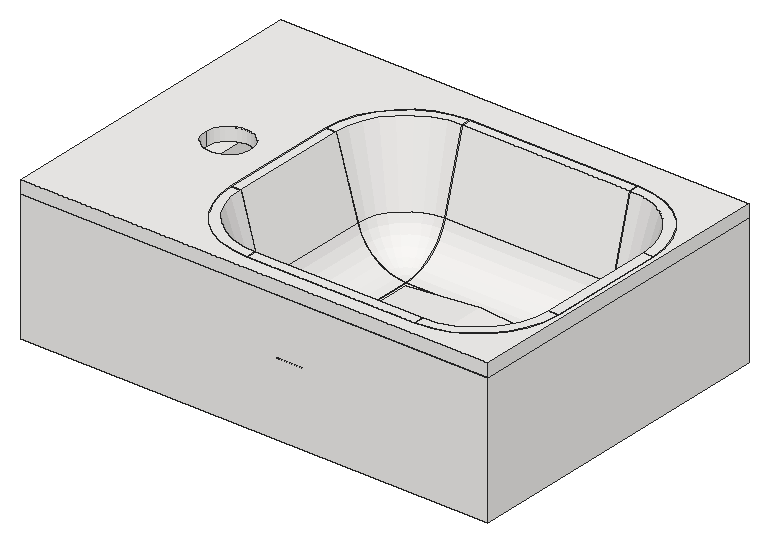
Revit family "61087-61087450-glossy_white-400", category Plumbing Fixtures, Revit 2019
Family settings
  Round Connector Dimension = Use Diameter
  Part Type = Valve - Breaks Into
  OmniClass Number = 23.31.13.00
  Work Plane-Based = No
  Always vertical = Yes
  Cut with Voids When Loaded = No
  Shared = Yes
  Room Calculation Point = No
Parameters (values of type "Washbasins-hansgrohe-61087XXX-Xevolos E Washbasins Xevolos E Handrinse basin 360_250 with tap hole left without overflow")
  X2 = 0
  X1 = 0
  UNSPSC = "301815 | Sanitary ware"
  UNIFORMATII = "D2010 | Plumbing Fixtures"
  UNICLASS_2015_CODE = "40_20_96"
  UNICLASS2015 = "Pr_40_20_96 | Wash basins, sinks and troughs"
  TAP = 1
  SURFACE = "GLOSSY_WHITE"
  SPECIFICATION = "Surfaces:  - 61087450 White   Specification:  • consists of: handrinse basin, waste set, cover  • material: ceramic  • SmartClean: dirt-repellent glaze • degree of gloss: glossy  • ceramic cover included • with one tap hole • without overflow • without shelf • non-closing waste set • 360 x 250 mm • type of installation: wall mounted  • suitable for cabinet"
  REGION = "Worldwide"
  PRODUCTURL = "https://pro.hansgrohe.com/articledetail--61087450"
  PRODUCTGROUP = "Washbasins"
  PRODUCTFAMILY = "Xevolos E"
  PERMALINK = "61087XXX"
  OMNICLASS = "23-31 13 00 | Sinks"
  OBJECTTYPE = "Object (single object)"
  NN = "Xevolos Washbasin"
  NBSYN = "$BASENUMBER.-$ARTNR.-$SURFACE.-$LODLEVEL."
  NB = "61087-61087450-GLOSSY_WHITE-400"
  NAME = "Xevolos E Handrinse basin 360_250 with tap hole left without overflow, SmartClean"
  Model = "Washbasins-hansgrohe-61087XXX-Xevolos E Washbasins Xevolos E Handrinse basin 360_250 with tap hole left without overflow, SmartClean"
  Manufacturer = "Hansgrohe"
  MIdent = "{$CADENAS_DATA/23d-libs/hansgrohe/xevolos_washbasin/xevolos_washbasin.prj},324 {VTYP=3D},{NB=61087-61087450-GLOSSY_WHITE-400},{LINA=Washbasins-hansgrohe-61087XXX-Xevolos E Washbasins Xevolos E Handrinse basin 360_250 with tap hole left without overflow, SmartClean},{NN=Xevolos Washbasin},{DATE=08.09.2023 09:54:32},{GEOMDATE=08.09.2023 09:53:00},{VERSION=},{LINEID=1000},{WBVAR=LODLEVEL},{WBNUMERIC=}  {NB=61087-61087450-GLOSSY_WHITE-400},{LINA=Washbasins-hansgrohe-61087XXX-Xevolos E Washbasins Xevolos E Handrinse basin 360_250 with tap hole left without overflow, SmartClean},{KT=DUMMY},{IDNR=2},{ARTNR=61087450},{BASENUMBER=61087},{MODEL=61087XXX},{SURFACE=GLOSSY_WHITE},{LODLEVEL=400},{LODLEVELX='400','400','200','200'},{L=360.000},{LI=-162.000},{X1=0.000},{X2=0.000},{DO=46.000},{DOT=35.000},{TAP=1},{TYP=MIN},{NAME=Xevolos E Handrinse basin 360_250 with tap hole left without overflow, SmartClean},{PERMALINK=61087XXX},{OBJECTTYPE=Object (single object)},{BIMOBJECT=Sanitary: Wash Basins},{PRODUCTFAMILY=Xevolos E},{PRODUCTGROUP=Washbasins},{WEIGHT=},{DESCRIPTION=Xevolos E Handrinse basin 360/250 with tap hole left without overflow, SmartClean},{SPECIFICATION=Surfaces:  - 61087450 White   Specification:  • consists of: handrinse basin, waste set, cover  • material: ceramic  • SmartClean: dirt-repellent glaze • degree of gloss: glossy  • ceramic cover included • with one tap hole • without overflow • without shelf • non-closing waste set • 360 x 250 mm • type of installation: wall mounted  • suitable for cabinet},{PRODUCTURL=https://pro.hansgrohe.com/articledetail--61087450},{GTINCODE=},{IFC=Sanitary Terminal},{ETIM=EC011550 | Washbasin},{UNICLASS2015=Pr_40_20_96 | Wash basins, sinks and troughs},{OMNICLASS=23-31 13 00 | Sinks},{MASTERFORMAT=22 41 16.13 | Residential Lavatories},{UNSPSC=301815 | Sanitary ware},{UNIFORMATII=D2010 | Plumbing Fixtures},{REGION=Worldwide},{DESIGN=Germany},{MANUFACTURER=Germany}"
  MASTERFORMAT = "22 41 16.13 | Residential Lavatories"
  LODLEVEL = "400"
  LINA = "Washbasins-hansgrohe-61087XXX-Xevolos E Washbasins Xevolos E Handrinse basin 360_250 with tap hole left without overflow, SmartClean"
  LI = -162
  L = 360
  IFC = "Sanitary Terminal"
  ETIM = "EC011550 | Washbasin"
  DOT = 35
  DO = 46
  DESIGN = "Germany"
  CATALOG = "Hansgrohe"
  BIMOBJECT = "Sanitary: Wash Basins"
  BASENUMBER = "61087"
  ARTNR = "61087450"
Reference planes
  plane 1 "Center (Front/Back)": y = 0
  plane 2: z = 0
  plane 3 "Center (Left/Right)": x = 0
Forms (mm)
  Extrusion 1, void
    sketch origin (-162, -135, 110) x (0, -1, 0) y (-1, 0, 0)
      loop
        line (-0.5, 0.5) -> (-0.5, -0.5) -> (0.5, -0.5) -> (0.5, 0.5) -> (-0.5, 0.5)
    from 0 to 1
Dimensions and locks
  locked: plane 2 to Extrusion 1 at 109
  locked: plane 2 to Extrusion 1 at 110
  aligned and locked: level to plane 2
Nested families
  nested 1: "61087-61087450-glossy_white-400_content" at (0, 0, 0), type "61087-61087450-GLOSSY_WHITE-400_Content"
Connectors
  piping at (-162, -135, 110), diameter 35
    settings: on Extrusion 1, index 1, connector inside diameter 609.6 mm, connector length 0 mm, flow factor 0, pipe flow 0.0 L/s, pressure drop 0.0 Pa, fitting loss kfactor 0, connector angle 0.00°, fixture units 0, engagement length 0 mm, angle of deflection 0.00°, flow configuration 0, flow direction 2, fitting loss method 0, system type 29, joint type 0, gender type 0, connector reference index -1, connector utility 0, adjustable connector no, is connector primary yes, connector description ""
  piping at (0, -135, -18.5), diameter 46
    settings: on nested 1, index 2, connector inside diameter 609.6 mm, connector length 0 mm, flow factor 0, pipe flow 0.0 L/s, pressure drop 0.0 Pa, fitting loss kfactor 0, connector angle 0.00°, fixture units 0, engagement length 0 mm, angle of deflection 0.00°, flow configuration 0, flow direction 2, fitting loss method 0, system type 29, joint type 0, gender type 0, connector reference index -1, connector utility 0, adjustable connector no, is connector primary no, connector description ""
Definition of nested family "61087-61087450-glossy_white-400_content"
  Parameters (values of type "61087-61087450-GLOSSY_WHITE-400_Content")
    X2 = 0
    X1 = 0
    UNSPSC = "301815 | Sanitary ware"
    UNIFORMATII = "D2010 | Plumbing Fixtures"
    UNICLASS_2015_CODE = "40_20_96"
    UNICLASS2015 = "Pr_40_20_96 | Wash basins, sinks and troughs"
    TAP = 1
    SURFACE = "GLOSSY_WHITE"
    SPECIFICATION = "Surfaces:  - 61087450 White   Specification:  • consists of: handrinse basin, waste set, cover  • material: ceramic  • SmartClean: dirt-repellent glaze • degree of gloss: glossy  • ceramic cover included • with one tap hole • without overflow • without shelf • non-closing waste set • 360 x 250 mm • type of installation: wall mounted  • suitable for cabinet"
    REGION = "Worldwide"
    PRODUCTURL = "https://pro.hansgrohe.com/articledetail--61087450"
    PRODUCTGROUP = "Washbasins"
    PRODUCTFAMILY = "Xevolos E"
    PERMALINK = "61087XXX"
    OMNICLASS = "23-31 13 00 | Sinks"
    OBJECTTYPE = "Object (single object)"
    NN = "Xevolos Washbasin"
    NBSYN = "$BASENUMBER.-$ARTNR.-$SURFACE.-$LODLEVEL."
    NB = "61087-61087450-GLOSSY_WHITE-400"
    NAME = "Xevolos E Handrinse basin 360_250 with tap hole left without overflow, SmartClean"
    Model = "Washbasins-hansgrohe-61087XXX-Xevolos E Washbasins Xevolos E Handrinse basin 360_250 with tap hole left without overflow, SmartClean"
    Manufacturer = "Hansgrohe"
    MASTERFORMAT = "22 41 16.13 | Residential Lavatories"
    LODLEVEL = "400"
    LINA = "Washbasins-hansgrohe-61087XXX-Xevolos E Washbasins Xevolos E Handrinse basin 360_250 with tap hole left without overflow, SmartClean"
    LI = -162
    L = 360
    IFC = "Sanitary Terminal"
    ETIM = "EC011550 | Washbasin"
    Default Elevation = 1219.2 mm
    DOT = 35
    DO = 46
    DESIGN = "Germany"
    CATALOG = "Hansgrohe"
    BIMOBJECT = "Sanitary: Wash Basins"
    BASENUMBER = "61087"
    ARTNR = "61087450"
  Reference planes
    plane 1 "Center (Front/Back)": y = 0
    plane 2: z = 0
    plane 3 "Center (Left/Right)": x = 0
  Forms (mm)
    Extrusion 1, solid, detail levels medium+fine
      sketch origin (0, 0, 0) x (0, 0, -1) y (0, 1, 0)
        loop
          line (-110, -24.497) -> (-110, -32) -> (-53.146, -48.555)
          arc (-53.146, -48.555) -> (-32.855, -62.593) -> (-25.05, -86) r 39
          line (-25.05, -86) -> (-15.65, -86) -> (-15.65, -78.355)
          arc (-15.65, -78.355) -> (-27.278, -53.615) -> (-50.351, -38.954) r 49
          line (-50.351, -38.954) -> (-100, -24.497) -> (-110, -24.497)
      from -64.5 to 64.5
    Revolve 2, solid, detail levels medium+fine
      sketch origin (64.5, 0, 0) x (0, 0, -1) y (0, 1, 0)
        loop
          line (-25.05, -86) -> (-15.65, -86) -> (-15.65, -78.355)
          arc (-15.65, -78.355) -> (-27.278, -53.615) -> (-50.351, -38.954) r 49
          line (-50.351, -38.954) -> (-100, -24.497) -> (-110, -24.497) -> (-110, -32) -> (-53.146, -48.555)
          arc (-53.146, -48.555) -> (-32.855, -62.593) -> (-25.05, -86) r 39
        axis (-15.65, -86) -> (-110, -86)
      angle from -90 to 0
    Revolve 3, solid, detail levels medium+fine
      sketch origin (-64.5, 0, 0) x (0, 0, -1) y (0, 1, 0)
        loop
          line (-25.05, -86) -> (-15.65, -86) -> (-15.65, -78.355)
          arc (-15.65, -78.355) -> (-27.278, -53.615) -> (-50.351, -38.954) r 49
          line (-50.351, -38.954) -> (-100, -24.497) -> (-110, -24.497) -> (-110, -32) -> (-53.146, -48.555)
          arc (-53.146, -48.555) -> (-32.855, -62.593) -> (-25.05, -86) r 39
        axis (-15.65, -86) -> (-110, -86)
      angle from 0 to 90
    Extrusion 4, solid, detail levels medium+fine
      sketch origin (0, -177.5, 0) x (1, 0, 0) y (0, 0, -1)
        loop
          line (-126.003, -100) -> (-126.003, -110) -> (-118.5, -110) -> (-101.945, -53.146)
          arc (-101.945, -53.146) -> (-87.907, -32.855) -> (-64.5, -25.05) r 39
          line (-64.5, -25.05) -> (-64.5, -15.65) -> (-72.145, -15.65)
          arc (-72.145, -15.65) -> (-96.885, -27.278) -> (-111.546, -50.351) r 49
          line (-111.546, -50.351) -> (-126.003, -100)
      from 0 to 91.5
    Extrusion 5, solid, detail levels medium+fine
      sketch origin (0, -177.5, 0) x (1, 0, 0) y (0, 0, -1)
        loop
          line (64.5, -15.65) -> (64.5, -25.05)
          arc (64.5, -25.05) -> (87.907, -32.855) -> (101.945, -53.146) r 39
          line (101.945, -53.146) -> (118.5, -110) -> (126.003, -110) -> (126.003, -100) -> (111.546, -50.351)
          arc (111.546, -50.351) -> (96.885, -27.278) -> (72.145, -15.65) r 49
          line (72.145, -15.65) -> (64.5, -15.65)
      from 0 to 91.5
    Revolve 6, solid, detail levels medium+fine
      sketch origin (0, -177.5, 0) x (1, 0, 0) y (0, 0, -1)
        loop
          line (-64.5, -25.05) -> (-64.5, -15.65) -> (-72.145, -15.65)
          arc (-72.145, -15.65) -> (-96.885, -27.278) -> (-111.546, -50.351) r 49
          line (-111.546, -50.351) -> (-126.003, -100) -> (-126.003, -110) -> (-118.5, -110) -> (-101.945, -53.146)
          arc (-101.945, -53.146) -> (-87.907, -32.855) -> (-64.5, -25.05) r 39
        axis (-64.5, -15.65) -> (-64.5, -110)
      angle from 0 to 90
    Revolve 7, solid, detail levels medium+fine
      sketch origin (0, -177.5, 0) x (1, 0, 0) y (0, 0, -1)
        loop
          line (64.5, -15.65) -> (64.5, -25.05)
          arc (64.5, -25.05) -> (87.907, -32.855) -> (101.945, -53.146) r 39
          line (101.945, -53.146) -> (118.5, -110) -> (126.003, -110) -> (126.003, -100) -> (111.546, -50.351)
          arc (111.546, -50.351) -> (96.885, -27.278) -> (72.145, -15.65) r 49
          line (72.145, -15.65) -> (64.5, -15.65)
        axis (64.5, -110) -> (64.5, -15.65)
      angle from 0 to 90
    Extrusion 8, solid, detail levels medium+fine
      sketch origin (0, 0, 0) x (0, 0, -1) y (0, 1, 0)
        loop
          line (-110, -239.003) -> (-100, -239.003) -> (-50.351, -224.546)
          arc (-50.351, -224.546) -> (-27.278, -209.885) -> (-15.65, -185.145) r 49
          line (-15.65, -185.145) -> (-15.65, -177.5) -> (-25.05, -177.5)
          arc (-25.05, -177.5) -> (-32.855, -200.907) -> (-53.146, -214.945) r 39
          line (-53.146, -214.945) -> (-110, -231.5) -> (-110, -239.003)
      from -64.5 to 64.5
    Extrusion 9, solid, detail levels medium+fine
      sketch origin (0, 0, 25.05) x (1, 0, 0) y (0, 1, 0)
        loop
          line (-69.5, -86) -> (-69.5, -177.5)
          arc (-69.5, -177.5) -> (-68.036, -181.036) -> (-64.5, -182.5) r 5
          line (-64.5, -182.5) -> (64.5, -182.5)
          arc (64.5, -182.5) -> (68.036, -181.036) -> (69.5, -177.5) r 5
          line (69.5, -177.5) -> (69.5, -86)
          arc (69.5, -86) -> (68.036, -82.464) -> (64.5, -81) r 5
          line (64.5, -81) -> (-64.5, -81)
          arc (-64.5, -81) -> (-68.036, -82.464) -> (-69.5, -86) r 5
        loop
          line (-60.5, -174) -> (60.5, -174) -> (60.5, -90.5) -> (-60.5, -90.5) -> (-60.5, -174)
      from -9.4 to 0
    Extrusion 10, solid, detail levels medium+fine
      sketch origin (0, 0, 100) x (1, 0, 0) y (0, 1, 0)
        loop
          line (-230, -250) -> (130, -250) -> (130, 0) -> (-230, 0) -> (-230, -250)
        loop
          line (-125.997, -85.997) -> (-125.997, -177.503)
          arc (-125.997, -177.503) -> (-107.984, -220.99) -> (-64.497, -239.003) r 61.5
          line (-64.497, -239.003) -> (64.5, -239.003)
          arc (64.5, -239.003) -> (107.989, -220.989) -> (126.003, -177.5) r 61.503
          line (126.003, -177.5) -> (126.003, -86)
          arc (126.003, -86) -> (107.989, -42.511) -> (64.5, -24.497) r 61.503
          line (64.5, -24.497) -> (-64.497, -24.497)
          arc (-64.497, -24.497) -> (-107.984, -42.51) -> (-125.997, -85.997) r 61.5
        loop
          circle (-162, -135) r 17.5
      from 0 to 10
    Extrusion 11, solid, detail levels medium+fine
      sketch origin (0, 0, 100) x (1, 0, 0) y (0, 1, 0)
        loop
          line (-230, 0) -> (-230, -250) -> (130, -250) -> (130, 0) -> (120, 0) -> (120, -240) -> (-220, -240) -> (-220, 0) -> (-230, 0)
      from -100 to 0
    Extrusion 12, solid, detail levels medium+fine
      sketch origin (0, 0, 0) x (1, 0, 0) y (0, 0, -1)
        loop
          line (-220, -100) -> (120, -100) -> (120, -10) -> (-220, -10) -> (-220, -100)
      from -10 to 0
    Extrusion 13, solid, detail levels medium+fine
      sketch origin (0, 0, 10) x (1, 0, 0) y (0, 1, 0)
        loop
          line (-220, -10) -> (-220, -240) -> (120, -240) -> (120, -10) -> (-220, -10)
        loop
          line (-205.5, -13.5) -> (-205.5, -188.25) -> (-190, -188.25)
          arc (-190, -188.25) -> (-174.62, -194.62) -> (-168.25, -210) r 21.75
          line (-168.25, -210) -> (-168.25, -225.5) -> (75.5, -225.5)
          arc (75.5, -225.5) -> (96.713, -216.713) -> (105.5, -195.5) r 30
          line (105.5, -195.5) -> (105.5, -13.5) -> (-205.5, -13.5)
      from 0 to 55
    Extrusion 14, solid, detail levels medium+fine
      sketch origin (0, 0, -3.5) x (1, 0, 0) y (0, 1, 0)
        loop
          line (-70, -97.245) -> (-70, -166.255)
          arc (-70, -166.255) -> (-64.874, -178.629) -> (-52.5, -183.755) r 17.5
          line (-52.5, -183.755) -> (52.5, -183.755)
          arc (52.5, -183.755) -> (64.874, -178.629) -> (70, -166.255) r 17.5
          line (70, -166.255) -> (70, -97.245)
          arc (70, -97.245) -> (64.874, -84.871) -> (52.5, -79.745) r 17.5
          line (52.5, -79.745) -> (-52.5, -79.745)
          arc (-52.5, -79.745) -> (-64.874, -84.871) -> (-70, -97.245) r 17.5
      from 0 to 19.15
    Revolve 15, solid, detail levels medium+fine
      sketch origin (0, -135, 0) x (1, 0, 0) y (0, 0, -1)
        loop
          line (23, 7) -> (40, -21.333) -> (40, 1.5) -> (34, 11.5) -> (34, 18.5) -> (23, 18.5) -> (23, 7)
        axis (0, -21.333) -> (0, 18.5)
      angle from -360 to 0
    Extrusion 16, solid, detail levels medium+fine
      sketch origin (0, 0, -18.5) x (1, 0, 0) y (0, 1, 0)
        loop
          circle (0, -135) r 7.5
      from 0 to 44.15
    Extrusion 17, solid, detail levels medium+fine
      sketch origin (0, -135, 0) x (1, 0, 0) y (0, 0, -1)
        loop
          line (-57.5, -27.4) -> (-57.5, -29.4)
          arc (-57.5, -29.4) -> (0, -34.4) -> (57.5, -29.4) r 333.125
          line (57.5, -29.4) -> (57.5, -27.4)
          arc (57.5, -27.4) -> (56.621, -25.279) -> (54.5, -24.4) r 3
          line (54.5, -24.4) -> (-54.5, -24.4)
          arc (-54.5, -24.4) -> (-56.621, -25.279) -> (-57.5, -27.4) r 3
      from -40 to 40
    Extrusion 18, solid, detail levels coarse
      sketch origin (-50, -125, -18.5) x (1, 0, 0) y (0, 1, 0)
        loop
          line (-180, -125) -> (180, -125) -> (180, 125) -> (-180, 125) -> (-180, -125)
      from 0 to 128.5
  Dimensions and locks
    aligned and locked: level to plane 2
